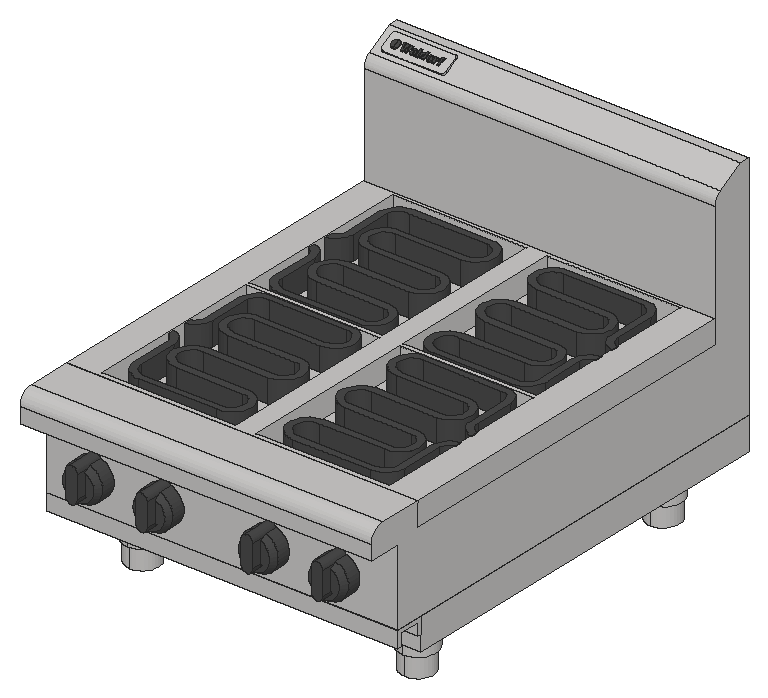
Revit family "QF_MOFFAT WALDORF_RN8400E-B", category Specialty Equipment, Revit 2012
Parameters
  Weight in Pounds = 163.1419
  Watts = 9600 W
  Volts = 415 V
  URL Cutsheet = "www.moffat.com"
  URL = "www.moffat.com"
  Type Mark [instance] = ""
  Status [instance] = ""
  Specification by User [instance] = ""
  Specification by Manufacturer = ""
  Show Logo [instance] = yes
  Serial Number = ""
  Seismic Rating = ""
  SMACNA No = ""
  Revision Code [instance] = ""
  Phase = 1
  Omniclass Number and Title = ""
  Number of Poles = 1
  NAFEM Spec ID Number = ""
  Model = "RN8400E-B"
  Min Ckt Ampacity = 0 A
  Max Overcurrent Protection = 0 A
  Masterspec = ""
  Manufacturer = "MOFFAT WALDORF"
  Item Number [instance] = ""
  Installed By [instance] = ""
  Identify Quantity as Lot [instance] = yes
  HP = ""
  Furnished By [instance] = ""
  Foodservice Equipment Identifier [instance] = yes
  FL Amps = 20 A
  Elec Conn RI Height = 0 mm
  Elec Conn Connection Height = 0 mm
  Description = "COOK TOP ELECTRIC BENCH MOUNT"
  Cycle = 50 Hz
  Conn Plug = ""
  Conn Conduit = yes
  CSI MasterFormat = ""
  CSI Master Format = ""
  Base Height [instance] = 80 mm
  Apparent Power = if(Phase = 3, Volts * FL Amps * 1.73, Volts * FL Amps)  # 8300 VA
Reference planes
  plane 1 "BACK": y = 0
  plane 2: z = 0
  plane 3 "LEFT": x = 0
  plane 4 "RIGHT": x = 600
  plane 5 "FRONT": y = -805
  plane 6 "TOP": z = 530
  plane 7 "Center Y": x = 300
  plane 8 "Center X": y = -402.5
  plane 9 "Base Height": z = 80
  plane 10: x = 65.8
  plane 11: x = 470
  plane 12: z = 110
Forms (mm)
  Extrusion 1, solid, material "QF_Finishes_Stainless Steel"
    sketch origin (0, 0, 0) x (0, 1, 0) y (0, 0, 1)
      loop
        line (-805, 291) -> (-805, 266) -> (-749, 266) -> (-749, 135.938) -> (0, 135.938) -> (0, 530) -> (-16.5, 530) -> (-58.709, 505.631)
        arc (-58.709, 505.631) -> (-66.975, 497.365) -> (-70, 486.074) r 22.582
        line (-70, 486.074) -> (-70, 275) -> (-705, 275) -> (-705, 315) -> (-781, 315)
        arc (-781, 315) -> (-797.971, 307.971) -> (-805, 291) r 24
      loop
        line (0, 80) -> (0, 135) -> (-699, 135) -> (-699, 80) -> (0, 80)
      loop
        line (-749, 135) -> (-749, 107.813) -> (-742.6, 107.813) -> (-742.6, 128.6) -> (-706.4, 128.6) -> (-706.4, 107.813) -> (-700, 107.813) -> (-700, 135) -> (-749, 135)
    from 0 to 600
  Revolve 2, solid, material "QF_Finishes_Stainless Steel"
    sketch origin (535, -210, 0) x (0, 1, 0) y (0, 0, -1)
      loop
        line (78.25, -80) -> (110, -80) -> (110, 0) -> (82.5, 0) -> (82.5, -35) -> (78.25, -35) -> (78.25, -80)
      axis (110, -80) -> (110, 0)
    angle from 0 to 360
  Revolve 3, solid, material "QF_Finishes_Stainless Steel"
    sketch origin (65, -210, 0) x (0, 1, 0) y (0, 0, 1)
      loop
        line (78.25, 80) -> (78.25, 35) -> (82.5, 35) -> (82.5, 0) -> (110, 0) -> (110, 80) -> (78.25, 80)
      axis (110, 80) -> (110, 0)
    angle from 0 to 360
  Revolve 4, solid, material "QF_Finishes_Black"
    sketch origin (210, 0, 0) x (0, -1, 0) y (0, 0, 1)
      loop
        line (782, 229.605) -> (759, 229.605) -> (759, 202.105) -> (749, 202.105) -> (749, 197.105) -> (793, 197.105) -> (793, 223.757) -> (782, 229.605)
      axis (793, 197.105) -> (749, 197.105)
    angle from 0 to 360
  Extrusion 5, solid, material "QF_Finishes_Black"
    sketch origin (71.569, 0, -103.997) x (1, 0, 0) y (0, 0, 1)
      loop
        line (148.431, 289) -> (148.431, 327.997)
        arc (148.431, 327.997) -> (138.431, 337.997) -> (128.431, 327.997) r 10
        line (128.431, 327.997) -> (128.431, 289)
        arc (128.431, 289) -> (138.431, 279) -> (148.431, 289) r 10
    from 759 to 808
  Extrusion 6, void
    sketch origin (0, 0, 80) x (-1, 0, 0) y (0, 1, 0)
      loop
        circle (-470.688, -32) r 13.5
    from -30 to 1.6
  Revolve 7, solid, material "QF_Finishes_Black"
    sketch origin (89.999, 0, -0.127) x (0, 1, 0) y (0, 0, -1)
      loop
        line (-782, -229.5) -> (-759, -229.5) -> (-759, -202) -> (-749, -202) -> (-749, -197) -> (-793, -197) -> (-793, -223.651) -> (-782, -229.5)
      axis (-793, -197) -> (-749, -197)
    angle from 0 to 360
  Extrusion 8, solid, material "QF_Finishes_Black"
    sketch origin (228.269, 0, 0.031) x (-1, 0, 0) y (0, 0, -1)
      loop
        arc (148.269, -184.969) -> (138.269, -174.969) -> (128.269, -184.969) r 10
        line (128.269, -184.969) -> (128.269, -223.969)
        arc (128.269, -223.969) -> (138.269, -233.969) -> (148.269, -223.969) r 10
        line (148.269, -223.969) -> (148.269, -184.969)
    from 759 to 808
  Extrusion 9, solid, material "QF_Finishes_Stainless Steel"
    sketch origin (0, -70, 275) x (0, -1, 0) y (1, 0, 0)
      loop
        line (1, 0) -> (635, 0) -> (635, 600) -> (1, 600) -> (1, 0)
      loop
        line (628.25, 54) -> (628.25, 282.75) -> (321.3, 282.75) -> (321.3, 54) -> (628.25, 54)
      loop
        line (6.75, 54) -> (313.7, 54) -> (313.7, 282.75) -> (6.75, 282.75) -> (6.75, 54)
      loop
        line (6.75, 317.25) -> (313.7, 317.25) -> (313.7, 546) -> (6.75, 546) -> (6.75, 317.25)
      loop
        line (628.25, 317.25) -> (628.25, 546) -> (321.3, 546) -> (321.3, 317.25) -> (628.25, 317.25)
    from 0 to 40
  Extrusion 10, solid, material "QF_Finishes_Black"
    sketch origin (0, -70, 275) x (0, -1, 0) y (1, 0, 0)
      loop
        arc (20.503, 102.138) -> (29.265, 78.692) -> (52.032, 68.293) r 32.731
        line (52.032, 68.293) -> (123.291, 68.293)
        arc (123.291, 68.293) -> (134.915, 64.189) -> (141.853, 54) r 19.786
        line (141.853, 54) -> (154.156, 54)
        arc (154.156, 54) -> (143.507, 72.673) -> (123.41, 80.3) r 31.79
        line (123.41, 80.3) -> (52.272, 80.3)
        arc (52.272, 80.3) -> (37.925, 87.003) -> (32.5, 101.881) r 20.722
        line (32.5, 101.881) -> (32.5, 234.6)
        arc (32.5, 234.6) -> (54.2, 256.3) -> (75.9, 234.6) r 21.7
        line (75.9, 234.6) -> (75.9, 122)
        arc (75.9, 122) -> (109.6, 88.3) -> (143.3, 122) r 33.7
        line (143.3, 122) -> (143.3, 234.6)
        arc (143.3, 234.6) -> (165, 256.3) -> (186.7, 234.6) r 21.7
        line (186.7, 234.6) -> (186.7, 122)
        arc (186.7, 122) -> (220.4, 88.3) -> (254.1, 122) r 33.7
        line (254.1, 122) -> (254.1, 234.6)
        arc (254.1, 234.6) -> (275.8, 256.3) -> (297.5, 234.6) r 21.7
        line (297.5, 234.6) -> (297.5, 101.881)
        arc (297.5, 101.881) -> (292.075, 87.003) -> (277.728, 80.3) r 20.722
        line (277.728, 80.3) -> (206.584, 80.3)
        arc (206.584, 80.3) -> (186.467, 72.659) -> (175.749, 54) r 31.973
        line (175.749, 54) -> (188.064, 54)
        arc (188.064, 54) -> (195.064, 64.184) -> (206.716, 68.3) r 19.973
        line (206.716, 68.3) -> (277.967, 68.3)
        arc (277.967, 68.3) -> (300.725, 78.682) -> (309.5, 102.106) r 32.722
        line (309.5, 102.106) -> (309.5, 234.6)
        arc (309.5, 234.6) -> (275.8, 268.3) -> (242.1, 234.6) r 33.7
        line (242.1, 234.6) -> (242.1, 122)
        arc (242.1, 122) -> (220.4, 100.3) -> (198.7, 122) r 21.7
        line (198.7, 122) -> (198.7, 234.6)
        arc (198.7, 234.6) -> (165, 268.3) -> (131.3, 234.6) r 33.7
        line (131.3, 234.6) -> (131.3, 122)
        arc (131.3, 122) -> (109.6, 100.3) -> (87.9, 122) r 21.7
        line (87.9, 122) -> (87.9, 234.6)
        arc (87.9, 234.6) -> (54.202, 268.298) -> (20.503, 234.6) r 33.698
        line (20.503, 234.6) -> (20.503, 102.138)
      loop
        arc (320.503, 102.138) -> (329.265, 78.692) -> (352.032, 68.293) r 32.731
        line (352.032, 68.293) -> (423.291, 68.293)
        arc (423.291, 68.293) -> (434.915, 64.189) -> (441.853, 54) r 19.786
        line (441.853, 54) -> (454.156, 54)
        arc (454.156, 54) -> (443.507, 72.673) -> (423.41, 80.3) r 31.79
        line (423.41, 80.3) -> (352.272, 80.3)
        arc (352.272, 80.3) -> (337.925, 87.003) -> (332.5, 101.881) r 20.722
        line (332.5, 101.881) -> (332.5, 234.6)
        arc (332.5, 234.6) -> (354.2, 256.3) -> (375.9, 234.6) r 21.7
        line (375.9, 234.6) -> (375.9, 122)
        arc (375.9, 122) -> (409.6, 88.3) -> (443.3, 122) r 33.7
        line (443.3, 122) -> (443.3, 234.6)
        arc (443.3, 234.6) -> (465, 256.3) -> (486.7, 234.6) r 21.7
        line (486.7, 234.6) -> (486.7, 122)
        arc (486.7, 122) -> (520.4, 88.3) -> (554.1, 122) r 33.7
        line (554.1, 122) -> (554.1, 234.6)
        arc (554.1, 234.6) -> (575.8, 256.3) -> (597.5, 234.6) r 21.7
        line (597.5, 234.6) -> (597.5, 101.881)
        arc (597.5, 101.881) -> (592.075, 87.003) -> (577.728, 80.3) r 20.722
        line (577.728, 80.3) -> (506.584, 80.3)
        arc (506.584, 80.3) -> (486.467, 72.659) -> (475.749, 54) r 31.973
        line (475.749, 54) -> (488.064, 54)
        arc (488.064, 54) -> (495.064, 64.184) -> (506.716, 68.3) r 19.973
        line (506.716, 68.3) -> (577.967, 68.3)
        arc (577.967, 68.3) -> (600.725, 78.682) -> (609.5, 102.106) r 32.722
        line (609.5, 102.106) -> (609.5, 234.6)
        arc (609.5, 234.6) -> (575.8, 268.3) -> (542.1, 234.6) r 33.7
        line (542.1, 234.6) -> (542.1, 122)
        arc (542.1, 122) -> (520.4, 100.3) -> (498.7, 122) r 21.7
        line (498.7, 122) -> (498.7, 234.6)
        arc (498.7, 234.6) -> (465, 268.3) -> (431.3, 234.6) r 33.7
        line (431.3, 234.6) -> (431.3, 122)
        arc (431.3, 122) -> (409.6, 100.3) -> (387.9, 122) r 21.7
        line (387.9, 122) -> (387.9, 234.6)
        arc (387.9, 234.6) -> (354.202, 268.298) -> (320.503, 234.6) r 33.698
        line (320.503, 234.6) -> (320.503, 102.138)
      loop
        line (20.503, 497.862) -> (20.503, 365.4)
        arc (20.503, 365.4) -> (54.202, 331.702) -> (87.9, 365.4) r 33.698
        line (87.9, 365.4) -> (87.9, 478)
        arc (87.9, 478) -> (109.6, 499.7) -> (131.3, 478) r 21.7
        line (131.3, 478) -> (131.3, 365.4)
        arc (131.3, 365.4) -> (165, 331.7) -> (198.7, 365.4) r 33.7
        line (198.7, 365.4) -> (198.7, 478)
        arc (198.7, 478) -> (220.4, 499.7) -> (242.1, 478) r 21.7
        line (242.1, 478) -> (242.1, 365.4)
        arc (242.1, 365.4) -> (275.8, 331.7) -> (309.5, 365.4) r 33.7
        line (309.5, 365.4) -> (309.5, 497.894)
        arc (309.5, 497.894) -> (300.725, 521.318) -> (277.967, 531.7) r 32.722
        line (277.967, 531.7) -> (206.716, 531.7)
        arc (206.716, 531.7) -> (195.064, 535.816) -> (188.064, 546) r 19.973
        line (188.064, 546) -> (175.749, 546)
        arc (175.749, 546) -> (186.467, 527.341) -> (206.584, 519.7) r 31.973
        line (206.584, 519.7) -> (277.728, 519.7)
        arc (277.728, 519.7) -> (292.075, 512.997) -> (297.5, 498.119) r 20.722
        line (297.5, 498.119) -> (297.5, 365.4)
        arc (297.5, 365.4) -> (275.8, 343.7) -> (254.1, 365.4) r 21.7
        line (254.1, 365.4) -> (254.1, 478)
        arc (254.1, 478) -> (220.4, 511.7) -> (186.7, 478) r 33.7
        line (186.7, 478) -> (186.7, 365.4)
        arc (186.7, 365.4) -> (165, 343.7) -> (143.3, 365.4) r 21.7
        line (143.3, 365.4) -> (143.3, 478)
        arc (143.3, 478) -> (109.6, 511.7) -> (75.9, 478) r 33.7
        line (75.9, 478) -> (75.9, 365.4)
        arc (75.9, 365.4) -> (54.2, 343.7) -> (32.5, 365.4) r 21.7
        line (32.5, 365.4) -> (32.5, 498.119)
        arc (32.5, 498.119) -> (37.925, 512.997) -> (52.272, 519.7) r 20.722
        line (52.272, 519.7) -> (123.41, 519.7)
        arc (123.41, 519.7) -> (143.507, 527.327) -> (154.156, 546) r 31.79
        line (154.156, 546) -> (141.853, 546)
        arc (141.853, 546) -> (134.915, 535.811) -> (123.291, 531.707) r 19.786
        line (123.291, 531.707) -> (52.032, 531.707)
        arc (52.032, 531.707) -> (29.265, 521.308) -> (20.503, 497.862) r 32.731
      loop
        line (320.503, 497.862) -> (320.503, 365.4)
        arc (320.503, 365.4) -> (354.202, 331.702) -> (387.9, 365.4) r 33.698
        line (387.9, 365.4) -> (387.9, 478)
        arc (387.9, 478) -> (409.6, 499.7) -> (431.3, 478) r 21.7
        line (431.3, 478) -> (431.3, 365.4)
        arc (431.3, 365.4) -> (465, 331.7) -> (498.7, 365.4) r 33.7
        line (498.7, 365.4) -> (498.7, 478)
        arc (498.7, 478) -> (520.4, 499.7) -> (542.1, 478) r 21.7
        line (542.1, 478) -> (542.1, 365.4)
        arc (542.1, 365.4) -> (575.8, 331.7) -> (609.5, 365.4) r 33.7
        line (609.5, 365.4) -> (609.5, 497.894)
        arc (609.5, 497.894) -> (600.725, 521.318) -> (577.967, 531.7) r 32.722
        line (577.967, 531.7) -> (506.716, 531.7)
        arc (506.716, 531.7) -> (495.064, 535.816) -> (488.064, 546) r 19.973
        line (488.064, 546) -> (475.749, 546)
        arc (475.749, 546) -> (486.467, 527.341) -> (506.584, 519.7) r 31.973
        line (506.584, 519.7) -> (577.728, 519.7)
        arc (577.728, 519.7) -> (592.075, 512.997) -> (597.5, 498.119) r 20.722
        line (597.5, 498.119) -> (597.5, 365.4)
        arc (597.5, 365.4) -> (575.8, 343.7) -> (554.1, 365.4) r 21.7
        line (554.1, 365.4) -> (554.1, 478)
        arc (554.1, 478) -> (520.4, 511.7) -> (486.7, 478) r 33.7
        line (486.7, 478) -> (486.7, 365.4)
        arc (486.7, 365.4) -> (465, 343.7) -> (443.3, 365.4) r 21.7
        line (443.3, 365.4) -> (443.3, 478)
        arc (443.3, 478) -> (409.6, 511.7) -> (375.9, 478) r 33.7
        line (375.9, 478) -> (375.9, 365.4)
        arc (375.9, 365.4) -> (354.2, 343.7) -> (332.5, 365.4) r 21.7
        line (332.5, 365.4) -> (332.5, 498.119)
        arc (332.5, 498.119) -> (337.925, 512.997) -> (352.272, 519.7) r 20.722
        line (352.272, 519.7) -> (423.41, 519.7)
        arc (423.41, 519.7) -> (443.507, 527.327) -> (454.156, 546) r 31.79
        line (454.156, 546) -> (441.853, 546)
        arc (441.853, 546) -> (434.915, 535.811) -> (423.291, 531.707) r 19.786
        line (423.291, 531.707) -> (352.032, 531.707)
        arc (352.032, 531.707) -> (329.265, 521.308) -> (320.503, 497.862) r 32.731
    from 0 to 40
  Revolve 11, solid, material "QF_Finishes_Stainless Steel"
    sketch origin (535, -735, 0) x (0, 1, 0) y (0, 0, -1)
      loop
        line (78.25, -80) -> (110, -80) -> (110, 0) -> (82.5, 0) -> (82.5, -35) -> (78.25, -35) -> (78.25, -80)
      axis (110, -80) -> (110, 0)
    angle from 0 to 360
  Revolve 12, solid, material "QF_Finishes_Stainless Steel"
    sketch origin (65, -735, 0) x (0, 1, 0) y (0, 0, 1)
      loop
        line (78.25, 80) -> (78.25, 35) -> (82.5, 35) -> (82.5, 0) -> (110, 0) -> (110, 80) -> (78.25, 80)
      axis (110, 80) -> (110, 0)
    angle from 0 to 360
  Revolve 13, solid, material "QF_Finishes_Black"
    sketch origin (510, 0, 0) x (0, -1, 0) y (0, 0, 1)
      loop
        line (782, 229.605) -> (759, 229.605) -> (759, 202.105) -> (749, 202.105) -> (749, 197.105) -> (793, 197.105) -> (793, 223.757) -> (782, 229.605)
      axis (793, 197.105) -> (749, 197.105)
    angle from 0 to 360
  Extrusion 14, solid, material "QF_Finishes_Black"
    sketch origin (371.569, 0, -103.997) x (1, 0, 0) y (0, 0, 1)
      loop
        line (148.431, 289) -> (148.431, 327.997)
        arc (148.431, 327.997) -> (138.431, 337.997) -> (128.431, 327.997) r 10
        line (128.431, 327.997) -> (128.431, 289)
        arc (128.431, 289) -> (138.431, 279) -> (148.431, 289) r 10
    from 759 to 808
  Revolve 15, solid, material "QF_Finishes_Black"
    sketch origin (389.999, 0, -0.127) x (0, 1, 0) y (0, 0, -1)
      loop
        line (-782, -229.5) -> (-759, -229.5) -> (-759, -202) -> (-749, -202) -> (-749, -197) -> (-793, -197) -> (-793, -223.651) -> (-782, -229.5)
      axis (-793, -197) -> (-749, -197)
    angle from 0 to 360
  Extrusion 16, solid, material "QF_Finishes_Black"
    sketch origin (528.269, 0, 0.031) x (-1, 0, 0) y (0, 0, -1)
      loop
        arc (148.269, -184.969) -> (138.269, -174.969) -> (128.269, -184.969) r 10
        line (128.269, -184.969) -> (128.269, -223.969)
        arc (128.269, -223.969) -> (138.269, -233.969) -> (148.269, -223.969) r 10
        line (148.269, -223.969) -> (148.269, -184.969)
    from 759 to 808
Cuts and joins
  Extrusion 6 cuts Extrusion 1
Lines and regions (mm)
  Split face 1
    outline origin (22.5, -19.748, 528.125) x (0, -0.866025, -0.5) y (1, 0, 0)
      loop
        line (1.427, 105.5) -> (35.836, 105.5) -> (35.836, 125.5) -> (1.427, 125.5) -> (1.427, 105.5)
  Split face 2
    outline origin (49.289, -19.748, 528.125) x (0, -0.866025, -0.5) y (1, 0, 0)
      loop
        line (1.427, 105.5) -> (35.836, 105.5) -> (35.836, 125.5) -> (1.427, 125.5) -> (1.427, 105.5)
  Split face 3
    outline origin (76.967, -19.748, 528.125) x (0, -0.866025, -0.5) y (1, 0, 0)
      loop
        line (1.427, 105.5) -> (35.836, 105.5) -> (35.836, 125.5) -> (1.427, 125.5) -> (1.427, 105.5)
  Split face 4
    outline origin (103.591, -19.748, 528.125) x (0, -0.866025, -0.5) y (1, 0, 0)
      loop
        line (1.427, 105.5) -> (35.836, 105.5) -> (35.836, 125.5) -> (1.427, 125.5) -> (1.427, 105.5)
  Split face 5
    outline origin (130.215, -19.748, 528.125) x (0, -0.866025, -0.5) y (1, 0, 0)
      loop
        line (1.427, 105.5) -> (35.836, 105.5) -> (35.836, 125.5) -> (1.427, 125.5) -> (1.427, 105.5)
  Split face 6
    outline origin (157.366, -19.748, 528.125) x (0, -0.866025, -0.5) y (1, 0, 0)
      loop
        line (1.427, 105.5) -> (35.836, 105.5) -> (35.836, 125.5) -> (1.427, 125.5) -> (1.427, 105.5)
  Split face 7
    outline origin (184.781, -19.748, 528.125) x (0, -0.866025, -0.5) y (1, 0, 0)
      loop
        line (1.427, 105.5) -> (35.836, 105.5) -> (35.836, 125.5) -> (1.427, 125.5) -> (1.427, 105.5)
  Split face 8
    outline origin (211.405, -19.748, 528.125) x (0, -0.866025, -0.5) y (1, 0, 0)
      loop
        line (1.427, 105.5) -> (35.836, 105.5) -> (35.836, 125.5) -> (1.427, 125.5) -> (1.427, 105.5)
  Split face 9
    outline origin (238.292, -19.748, 528.125) x (0, -0.866025, -0.5) y (1, 0, 0)
      loop
        line (1.427, 105.5) -> (35.836, 105.5) -> (35.836, 125.5) -> (1.427, 125.5) -> (1.427, 105.5)
  Split face 10
    outline origin (265.971, -19.748, 528.125) x (0, -0.866025, -0.5) y (1, 0, 0)
      loop
        line (1.427, 105.5) -> (35.836, 105.5) -> (35.836, 125.5) -> (1.427, 125.5) -> (1.427, 105.5)
  Split face 11
    outline origin (292.533, -19.748, 528.125) x (0, -0.866025, -0.5) y (1, 0, 0)
      loop
        line (1.427, 105.5) -> (35.836, 105.5) -> (35.836, 125.5) -> (1.427, 125.5) -> (1.427, 105.5)
  Split face 12
    outline origin (319.444, -19.748, 528.125) x (0, -0.866025, -0.5) y (1, 0, 0)
      loop
        line (1.427, 105.5) -> (35.836, 105.5) -> (35.836, 125.5) -> (1.427, 125.5) -> (1.427, 105.5)
  Split face 13
    outline origin (346.271, -19.748, 528.125) x (0, -0.866025, -0.5) y (1, 0, 0)
      loop
        line (1.427, 105.5) -> (35.836, 105.5) -> (35.836, 125.5) -> (1.427, 125.5) -> (1.427, 105.5)
  symbolic lines
    curve 1: line (0, 0, 0) -> (0, -805, 0)
    curve 2: line (600, 0, 0) -> (0, 0, 0)
    curve 3: line (600, -805, 0) -> (600, 0, 0)
    curve 4: line (0, -70, 0) -> (600, -70, 0)
    curve 5: line (0, -805, 0) -> (600, -805, 0)
    curve 10: line (600, -705, 0) -> (0, -705, 0)
    curve 11: line (128, -50.782, 0) -> (128, -20.984, 0)
    curve 12: line (128, -20.984, 0) -> (148, -20.984, 0)
    curve 13: line (148, -20.984, 0) -> (148, -50.782, 0)
    curve 14: line (148, -50.782, 0) -> (128, -50.782, 0)
    curve 15: line (154.789, -50.782, 0) -> (154.789, -20.984, 0)
    curve 16: line (154.789, -20.984, 0) -> (174.789, -20.984, 0)
    curve 17: line (174.789, -20.984, 0) -> (174.789, -50.782, 0)
    curve 18: line (174.789, -50.782, 0) -> (154.789, -50.782, 0)
    curve 19: line (182.467, -20.984, 0) -> (202.467, -20.984, 0)
    curve 20: line (202.467, -20.984, 0) -> (202.467, -50.782, 0)
    curve 21: line (202.467, -50.782, 0) -> (182.467, -50.782, 0)
    curve 22: line (182.467, -50.782, 0) -> (182.467, -20.984, 0)
    curve 23: line (229.091, -20.984, 0) -> (209.091, -20.984, 0)
    curve 24: line (209.091, -20.984, 0) -> (209.091, -50.782, 0)
    curve 25: line (209.091, -50.782, 0) -> (229.091, -50.782, 0)
    curve 26: line (229.091, -50.782, 0) -> (229.091, -20.984, 0)
    curve 27: line (255.715, -20.984, 0) -> (235.715, -20.984, 0)
    curve 28: line (235.715, -20.984, 0) -> (235.715, -50.782, 0)
    curve 29: line (235.715, -50.782, 0) -> (255.715, -50.782, 0)
    curve 30: line (255.715, -50.782, 0) -> (255.715, -20.984, 0)
    curve 31: line (282.866, -20.984, 0) -> (262.866, -20.984, 0)
    curve 32: line (262.866, -20.984, 0) -> (262.866, -50.782, 0)
    curve 33: line (262.866, -50.782, 0) -> (282.866, -50.782, 0)
    curve 34: line (282.866, -50.782, 0) -> (282.866, -20.984, 0)
    curve 35: line (310.281, -20.984, 0) -> (290.281, -20.984, 0)
    curve 36: line (290.281, -20.984, 0) -> (290.281, -50.782, 0)
    curve 37: line (290.281, -50.782, 0) -> (310.281, -50.782, 0)
    curve 38: line (310.281, -50.782, 0) -> (310.281, -20.984, 0)
    curve 39: line (316.905, -20.984, 0) -> (336.905, -20.984, 0)
    curve 40: line (336.905, -20.984, 0) -> (336.905, -50.782, 0)
    curve 41: line (336.905, -50.782, 0) -> (316.905, -50.782, 0)
    curve 42: line (316.905, -50.782, 0) -> (316.905, -20.984, 0)
    curve 43: line (363.792, -20.984, 0) -> (343.792, -20.984, 0)
    curve 44: line (343.792, -20.984, 0) -> (343.792, -50.782, 0)
    curve 45: line (343.792, -50.782, 0) -> (363.792, -50.782, 0)
    curve 46: line (363.792, -50.782, 0) -> (363.792, -20.984, 0)
    curve 47: line (371.471, -50.782, 0) -> (391.471, -50.782, 0)
    curve 48: line (391.471, -50.782, 0) -> (391.471, -20.984, 0)
    curve 49: line (391.471, -20.984, 0) -> (371.471, -20.984, 0)
    curve 50: line (371.471, -20.984, 0) -> (371.471, -50.782, 0)
    curve 51: line (398.033, -50.782, 0) -> (418.033, -50.782, 0)
    curve 52: line (418.033, -50.782, 0) -> (418.033, -20.984, 0)
    curve 53: line (418.033, -20.984, 0) -> (398.033, -20.984, 0)
    curve 54: line (398.033, -20.984, 0) -> (398.033, -50.782, 0)
    curve 55: line (444.944, -50.782, 0) -> (424.944, -50.782, 0)
    curve 56: line (424.944, -50.782, 0) -> (424.944, -20.984, 0)
    curve 57: line (424.944, -20.984, 0) -> (444.944, -20.984, 0)
    curve 58: line (444.944, -20.984, 0) -> (444.944, -50.782, 0)
    curve 59: line (451.771, -50.782, 0) -> (471.771, -50.782, 0)
    curve 60: line (471.771, -50.782, 0) -> (471.771, -20.984, 0)
    curve 61: line (471.771, -20.984, 0) -> (451.771, -20.984, 0)
    curve 62: line (451.771, -20.984, 0) -> (451.771, -50.782, 0)
    curve 63: line (54, -705, 0) -> (54, -76.75, 0)
    curve 64: line (546, -76.75, 0) -> (546, -705, 0)
    curve 65: line (282.75, -70, 0) -> (282.75, -705, 0)
    curve 66: line (317.25, -705, 0) -> (317.25, -70, 0)
    curve 67: line (54, -387.5, 0) -> (546, -387.5, 0)
    curve 68: arc (102.029, -96.503, 0) -> (82.856, -103.586, 0) -> (74.293, -122.146, 0) r 26.731
    curve 69: line (234.6, -96.503, 0) -> (102.029, -96.503, 0)
    curve 70: line (74.293, -122.146, 0) -> (74.293, -193.354, 0)
    curve 71: arc (74.293, -193.354, 0) -> (68.431, -209.219, 0) -> (54, -218.038, 0) r 25.786
    curve 72: arc (234.6, -151.9, 0) -> (262.298, -124.202, 0) -> (234.6, -96.503, 0) r 27.698
    curve 73: line (122, -151.9, 0) -> (234.6, -151.9, 0)
    curve 74: arc (122, -207.3, 0) -> (94.3, -179.6, 0) -> (122, -151.9, 0) r 27.7
    curve 75: line (234.6, -207.3, 0) -> (122, -207.3, 0)
    curve 76: arc (234.6, -262.7, 0) -> (262.3, -235, 0) -> (234.6, -207.3, 0) r 27.7
    curve 77: line (122, -262.7, 0) -> (234.6, -262.7, 0)
    curve 78: arc (122, -318.1, 0) -> (94.3, -290.4, 0) -> (122, -262.7, 0) r 27.7
    curve 79: line (234.6, -318.1, 0) -> (122, -318.1, 0)
    curve 80: arc (234.6, -373.5, 0) -> (262.3, -345.8, 0) -> (234.6, -318.1, 0) r 27.7
    curve 81: line (102, -373.5, 0) -> (234.6, -373.5, 0)
    curve 82: arc (74.3, -347.854, 0) -> (82.847, -366.405, 0) -> (102, -373.5, 0) r 26.722
    curve 83: line (74.3, -276.646, 0) -> (74.3, -347.854, 0)
    curve 84: arc (54, -251.869, 0) -> (68.424, -260.755, 0) -> (74.3, -276.646, 0) r 25.973
    curve 85: arc (102.029, -396.503, 0) -> (82.856, -403.586, 0) -> (74.293, -422.146, 0) r 26.731
    curve 86: line (234.6, -396.503, 0) -> (102.029, -396.503, 0)
    curve 87: line (74.293, -422.146, 0) -> (74.293, -493.354, 0)
    curve 88: arc (74.293, -493.354, 0) -> (68.431, -509.219, 0) -> (54, -518.038, 0) r 25.786
    curve 89: arc (234.6, -451.9, 0) -> (262.298, -424.202, 0) -> (234.6, -396.503, 0) r 27.698
    curve 90: line (122, -451.9, 0) -> (234.6, -451.9, 0)
    curve 91: arc (122, -507.3, 0) -> (94.3, -479.6, 0) -> (122, -451.9, 0) r 27.7
    curve 92: line (234.6, -507.3, 0) -> (122, -507.3, 0)
    curve 93: arc (234.6, -562.7, 0) -> (262.3, -535, 0) -> (234.6, -507.3, 0) r 27.7
    curve 94: line (122, -562.7, 0) -> (234.6, -562.7, 0)
    curve 95: arc (122, -618.1, 0) -> (94.3, -590.4, 0) -> (122, -562.7, 0) r 27.7
    curve 96: line (234.6, -618.1, 0) -> (122, -618.1, 0)
    curve 97: arc (234.6, -673.5, 0) -> (262.3, -645.8, 0) -> (234.6, -618.1, 0) r 27.7
    curve 98: line (102, -673.5, 0) -> (234.6, -673.5, 0)
    curve 99: arc (74.3, -647.854, 0) -> (82.847, -666.405, 0) -> (102, -673.5, 0) r 26.722
    curve 100: line (74.3, -576.646, 0) -> (74.3, -647.854, 0)
    curve 101: arc (54, -551.869, 0) -> (68.424, -560.755, 0) -> (74.3, -576.646, 0) r 25.973
    curve 102: arc (497.971, -96.503, 0) -> (517.144, -103.586, 0) -> (525.707, -122.146, 0) r 26.731
    curve 103: line (365.4, -96.503, 0) -> (497.971, -96.503, 0)
    curve 104: line (525.707, -122.146, 0) -> (525.707, -193.354, 0)
    curve 105: arc (525.707, -193.354, 0) -> (531.569, -209.219, 0) -> (546, -218.038, 0) r 25.786
    curve 106: arc (365.4, -151.9, 0) -> (337.702, -124.202, 0) -> (365.4, -96.503, 0) r 27.698
    curve 107: line (478, -151.9, 0) -> (365.4, -151.9, 0)
    curve 108: arc (478, -207.3, 0) -> (505.7, -179.6, 0) -> (478, -151.9, 0) r 27.7
    curve 109: line (365.4, -207.3, 0) -> (478, -207.3, 0)
    curve 110: arc (365.4, -262.7, 0) -> (337.7, -235, 0) -> (365.4, -207.3, 0) r 27.7
    curve 111: line (478, -262.7, 0) -> (365.4, -262.7, 0)
    curve 112: arc (478, -318.1, 0) -> (505.7, -290.4, 0) -> (478, -262.7, 0) r 27.7
    curve 113: line (365.4, -318.1, 0) -> (478, -318.1, 0)
    curve 114: arc (365.4, -373.5, 0) -> (337.7, -345.8, 0) -> (365.4, -318.1, 0) r 27.7
    curve 115: line (498, -373.5, 0) -> (365.4, -373.5, 0)
    curve 116: arc (525.7, -347.854, 0) -> (517.153, -366.405, 0) -> (498, -373.5, 0) r 26.722
    curve 117: line (525.7, -276.646, 0) -> (525.7, -347.854, 0)
    curve 118: arc (546, -251.869, 0) -> (531.576, -260.755, 0) -> (525.7, -276.646, 0) r 25.973
    curve 119: arc (497.971, -396.503, 0) -> (517.144, -403.586, 0) -> (525.707, -422.146, 0) r 26.731
    curve 120: line (365.4, -396.503, 0) -> (497.971, -396.503, 0)
    curve 121: line (525.707, -422.146, 0) -> (525.707, -493.354, 0)
    curve 122: arc (525.707, -493.354, 0) -> (531.569, -509.219, 0) -> (546, -518.038, 0) r 25.786
    curve 123: arc (365.4, -451.9, 0) -> (337.702, -424.202, 0) -> (365.4, -396.503, 0) r 27.698
    curve 124: line (478, -451.9, 0) -> (365.4, -451.9, 0)
    curve 125: arc (478, -507.3, 0) -> (505.7, -479.6, 0) -> (478, -451.9, 0) r 27.7
    curve 126: line (365.4, -507.3, 0) -> (478, -507.3, 0)
    curve 127: arc (365.4, -562.7, 0) -> (337.7, -535, 0) -> (365.4, -507.3, 0) r 27.7
    curve 128: line (478, -562.7, 0) -> (365.4, -562.7, 0)
    curve 129: arc (478, -618.1, 0) -> (505.7, -590.4, 0) -> (478, -562.7, 0) r 27.7
    curve 130: line (365.4, -618.1, 0) -> (478, -618.1, 0)
    curve 131: arc (365.4, -673.5, 0) -> (337.7, -645.8, 0) -> (365.4, -618.1, 0) r 27.7
    curve 132: line (498, -673.5, 0) -> (365.4, -673.5, 0)
    curve 133: arc (525.7, -647.854, 0) -> (517.153, -666.405, 0) -> (498, -673.5, 0) r 26.722
    curve 134: line (525.7, -576.646, 0) -> (525.7, -647.854, 0)
    curve 135: arc (546, -551.869, 0) -> (531.576, -560.755, 0) -> (525.7, -576.646, 0) r 25.973
  symbolic lines, visible <- "Show Logo"
    curve 6: line (12.5, -51.234, 0) -> (12.5, -20.958, 0)
    curve 7: line (12.5, -20.958, 0) -> (121.5, -20.958, 0)
    curve 8: line (12.5, -51.234, 0) -> (121.5, -51.234, 0)
    curve 9: line (121.5, -20.958, 0) -> (121.5, -51.234, 0)
Dimensions and locks
  equal spacing: plane 3 "LEFT", plane 7 "Center Y", plane 4 "RIGHT"
  plane 3 "LEFT" to plane 4 "RIGHT" = 600 mm
  equal spacing: plane 5 "FRONT", plane 8 "Center X", plane 1 "BACK"
  plane 5 "FRONT" to plane 1 "BACK" = 805 mm  (x2)
  equal spacing: plane 4 "RIGHT", plane 7 "Center Y", plane 3 "LEFT"
  plane 4 "RIGHT" to plane 3 "LEFT" = 600 mm
  "Base Height": plane 9 "Base Height" to level
  locked: plane 6 "TOP" to plane 9 "Base Height" at 450
  plane 6 "TOP" to nested 1 to nested 1 = 1.472 mm locked, 17.226 mm locked
  plane 12 to level = 110 mm
  aligned and locked: level to plane 2
  aligned and locked: curve 3 to plane 4 "RIGHT"
  aligned and locked: Revolve 2 to Extrusion 1
  aligned and locked: Extrusion 1 to Revolve 3
  aligned and locked: plane 9 "Base Height" to Revolve 11
Automatic sketch dimensions
  plane 1 "BACK" to curve 1 = 0 mm
  curve 1 to plane 3 "LEFT" = 0 mm
  plane 5 "FRONT" to curve 5 = 0 mm
  plane 3 "LEFT" to curve 6 = 12.5 mm
  curve 83 to curve 82 = 26.701 mm
  curve 99 to curve 99 = 26.701 mm
  curve 85 to curve 85 = 26.709 mm
  curve 68 to curve 68 = 26.709 mm
  curve 99 to curve 98 = 0.999 mm
  curve 82 to curve 82 = 0.999 mm
  curve 68 to curve 69 = 1.027 mm
  plane 8 "Center X" to curve 86 = 5.997 mm
  curve 81 to curve 86 = 0.029 mm
  plane 1 "BACK" to curve 7 = 20.958 mm
  curve 82 to curve 78 = 20.999 mm
  curve 88 to curve 91 = 47.707 mm
  curve 68 to curve 74 = 20.998 mm
  curve 101 to curve 94 = 47.7 mm
  curve 7 to curve 12 = 6.5 mm
  curve 11 to curve 12 = 20 mm
  curve 12 to curve 15 = 6.789 mm
  curve 15 to curve 17 = 20 mm
  curve 17 to curve 21 = 7.678 mm
  curve 19 to curve 20 = 20 mm
  curve 20 to curve 24 = 6.624 mm
  curve 23 to curve 26 = 20 mm
  curve 89 to plane 7 "Center Y" = 65.4 mm
  curve 76 to plane 7 "Center Y" = 65.4 mm
  curve 92 to curve 89 = 0 mm
  curve 96 to curve 93 = 0 mm
  curve 81 to curve 86 = 0 mm
  curve 73 to curve 76 = 0 mm
  curve 23 to curve 28 = 6.624 mm
  curve 28 to curve 29 = 20 mm
  curve 27 to curve 32 = 7.151 mm
  curve 65 to plane 7 "Center Y" = 17.25 mm
  curve 31 to plane 7 "Center Y" = 17.134 mm
  curve 31 to curve 36 = 7.415 mm
  plane 7 "Center Y" to curve 38 = 10.281 mm
  curve 37 to curve 41 = 6.624 mm
  plane 7 "Center Y" to curve 66 = 17.25 mm
  curve 39 to curve 39 = 20 mm
  curve 39 to curve 44 = 6.888 mm
  curve 44 to curve 45 = 20 mm
  curve 45 to curve 106 = 1.608 mm
  plane 7 "Center Y" to curve 130 = 65.4 mm
  plane 7 "Center Y" to curve 126 = 65.4 mm
  plane 8 "Center X" to curve 114 = 29 mm
  plane 7 "Center Y" to curve 114 = 65.4 mm
  curve 123 to plane 8 "Center X" = 21.702 mm
  curve 123 to curve 115 = 0 mm
  curve 109 to curve 106 = 0 mm
  curve 45 to curve 47 = 7.678 mm
  curve 47 to curve 48 = 20 mm
  curve 48 to curve 54 = 6.562 mm
  curve 53 to curve 52 = 20 mm
  curve 51 to curve 56 = 6.911 mm
  curve 55 to curve 55 = 20 mm
  curve 55 to curve 59 = 6.827 mm
  curve 61 to curve 60 = 20 mm
  plane 8 "Center X" to curve 120 = 5.997 mm
  curve 119 to curve 116 = 0.029 mm
  curve 119 to plane 8 "Center X" = 20.714 mm
  curve 119 to curve 119 = 1.027 mm
  curve 102 to curve 102 = 1.027 mm
  curve 116 to curve 116 = 0.999 mm
  curve 133 to curve 133 = 0.999 mm
  curve 64 to plane 5 "FRONT" = 100 mm
  curve 63 to curve 98 = 31.5 mm
  curve 66 to curve 132 = 31.5 mm
  curve 98 to curve 99 = 25.646 mm
  curve 133 to curve 133 = 25.646 mm
  curve 97 to curve 97 = 27.7 mm
  curve 131 to curve 131 = 27.7 mm
  curve 129 to curve 129 = 27.7 mm
  curve 95 to curve 95 = 27.7 mm
  curve 129 to curve 135 = 13.184 mm
  curve 95 to curve 101 = 13.184 mm
  curve 135 to curve 135 = 0.57 mm
  curve 101 to curve 101 = 0.57 mm
  curve 94 to curve 93 = 27.7 mm
  curve 128 to curve 127 = 27.7 mm
  curve 135 to curve 122 = 33.83 mm
  curve 101 to curve 88 = 33.83 mm
  curve 122 to curve 121 = 24.684 mm
  curve 88 to curve 87 = 24.684 mm
  curve 92 to curve 91 = 27.7 mm
  curve 85 to curve 85 = 26.711 mm
  plane 8 "Center X" to curve 67 = 15 mm
  curve 86 to curve 80 = 23.003 mm
  curve 116 to curve 117 = 25.646 mm
  curve 82 to curve 82 = 25.646 mm
  curve 80 to curve 80 = 27.7 mm
  curve 114 to curve 114 = 27.7 mm
  curve 112 to curve 112 = 27.7 mm
  curve 78 to curve 78 = 27.7 mm
  curve 112 to curve 118 = 13.184 mm
  curve 78 to curve 84 = 13.184 mm
  curve 84 to curve 84 = 0.57 mm
  curve 118 to curve 118 = 0.57 mm
  curve 110 to curve 110 = 27.7 mm
  curve 76 to curve 76 = 27.7 mm
  curve 84 to curve 71 = 33.83 mm
  curve 118 to curve 105 = 33.83 mm
  curve 71 to curve 71 = 24.684 mm
  curve 105 to curve 105 = 24.684 mm
  curve 108 to curve 108 = 27.7 mm
  curve 74 to curve 74 = 27.7 mm
  curve 107 to curve 106 = 27.698 mm
  curve 73 to curve 72 = 27.698 mm
  curve 102 to curve 102 = 26.711 mm
  curve 68 to curve 68 = 26.711 mm
  curve 68 to curve 63 = 45.396 mm
  curve 102 to curve 64 = 45.396 mm
  curve 106 to curve 66 = 26.503 mm
  curve 4 to curve 8 = 18.766 mm
  plane 1 "BACK" to curve 51 = 50.782 mm
  curve 50 to curve 51 = 0 mm
  plane 1 "BACK" to curve 60 = 50.782 mm
  curve 58 to curve 59 = 0 mm
  curve 8 to curve 11 = 0.452 mm
  curve 46 to curve 47 = 0 mm
  curve 13 to curve 15 = 0 mm  (x2)
  curve 66 to curve 42 = 19.218 mm
  curve 17 to curve 20 = 0 mm
  curve 20 to curve 24 = 0 mm
  curve 25 to curve 28 = 0 mm
  curve 38 to curve 41 = 0 mm
  curve 29 to curve 32 = 0 mm
  plane 1 "BACK" to curve 34 = 20.984 mm
  plane 1 "BACK" to curve 35 = 20.984 mm
  curve 30 to curve 31 = 0 mm
  plane 1 "BACK" to curve 57 = 20.984 mm
  curve 26 to curve 27 = 0 mm
  plane 1 "BACK" to curve 54 = 20.984 mm
  curve 57 to curve 62 = 0 mm
  plane 1 "BACK" to curve 22 = 20.984 mm
  curve 35 to curve 39 = 0 mm
  curve 17 to curve 19 = 0 mm
  plane 1 "BACK" to curve 43 = 20.984 mm
  curve 48 to curve 53 = 0 mm
  plane 3 "LEFT" to curve 101 = 48.333 mm
  plane 3 "LEFT" to curve 84 = 48.333 mm
  plane 3 "LEFT" to curve 71 = 48.512 mm
  plane 3 "LEFT" to curve 88 = 48.512 mm
  plane 3 "LEFT" to curve 67 = 54 mm
  curve 88 to curve 87 = 25.781 mm
  curve 63 to curve 68 = 20.293 mm
  curve 63 to curve 100 = 20.3 mm
  curve 84 to curve 83 = 25.967 mm
  curve 69 to curve 7 = 19.471 mm
  curve 123 to curve 125 = 112.6 mm
  curve 110 to curve 111 = 112.6 mm
  curve 108 to curve 112 = 0 mm
  curve 129 to curve 125 = 0 mm
  curve 124 to curve 120 = 19.971 mm
  curve 59 to curve 103 = 26.2 mm
  curve 130 to curve 132 = 20 mm
  curve 112 to curve 118 = 47.7 mm
  curve 133 to curve 133 = 26.701 mm
  curve 102 to curve 104 = 26.709 mm
  curve 125 to curve 122 = 47.707 mm
  curve 117 to curve 118 = 20.3 mm
  curve 105 to curve 105 = 25.781 mm
  curve 122 to curve 122 = 25.781 mm
  curve 117 to curve 118 = 25.967 mm
  curve 135 to curve 135 = 5.667 mm
  Revolve 2 sketch curve to level = 0 mm
  level to Revolve 2 sketch curve = 35 mm
  plane 1 "BACK" to Revolve 2 sketch curve = 131.75 mm
  Revolve 2 sketch curve to Revolve 2 sketch curve = 4.25 mm
  Revolve 2 sketch curve to Revolve 2 sketch curve = 27.5 mm  (x2)
  Revolve 2 sketch curve to plane 9 "Base Height" = 30 mm
  plane 9 "Base Height" to Revolve 2 sketch curve = 0 mm
  Revolve 2 sketch curve to Revolve 2 sketch curve = 55 mm
  Revolve 3 sketch curve to level = 0 mm
  level to Revolve 3 sketch curve = 35 mm
  plane 1 "BACK" to Revolve 3 sketch curve = 131.75 mm
  Revolve 3 sketch curve to Revolve 3 sketch curve = 4.25 mm
  Revolve 3 sketch curve to Revolve 3 sketch curve = 27.5 mm  (x2)
  Revolve 3 sketch curve to Revolve 3 sketch curve = 55 mm
  Revolve 3 sketch curve to plane 9 "Base Height" = 30 mm
  plane 9 "Base Height" to Revolve 3 sketch curve = 0 mm
  Revolve 4 sketch curve to plane 5 "FRONT" = 56 mm
  Revolve 4 sketch curve to Revolve 4 sketch curve = 10 mm
  Revolve 4 sketch curve to Revolve 4 sketch curve = 21.3 mm
  Revolve 4 sketch curve to plane 5 "FRONT" = 23 mm
  Revolve 4 sketch curve to plane 5 "FRONT" = 12 mm
  Revolve 4 sketch curve to Revolve 4 sketch curve = 0 mm  (x2)
  plane 9 "Base Height" to Revolve 4 sketch curve = 117.105 mm
  Revolve 4 sketch curve to Revolve 4 sketch curve = 5 mm
  Revolve 4 sketch curve to Revolve 4 sketch curve = 26.651 mm
  Revolve 4 sketch curve to Revolve 4 sketch curve = 5.849 mm
  Extrusion 5 sketch curve to plane 7 "Center Y" = 100 mm
  Extrusion 5 sketch curve to Extrusion 5 sketch curve = 10 mm
  plane 9 "Base Height" to Extrusion 5 sketch curve = 105.003 mm
  Extrusion 5 sketch curve to Extrusion 5 sketch curve = 38.997 mm
  Revolve 7 sketch curve to plane 5 "FRONT" = 12 mm
  Revolve 7 sketch curve to Revolve 7 sketch curve = 0 mm  (x2)
  Revolve 7 sketch curve to Revolve 7 sketch curve = 11 mm
  Revolve 7 sketch curve to Revolve 7 sketch curve = 12.7 mm
  Revolve 7 sketch curve to Revolve 7 sketch curve = 23 mm
  Revolve 7 sketch curve to Revolve 7 sketch curve = 10 mm
  plane 9 "Base Height" to Revolve 7 sketch curve = 149.373 mm
  Revolve 7 sketch curve to Revolve 7 sketch curve = 5.849 mm
  Revolve 7 sketch curve to Revolve 7 sketch curve = 27.5 mm
  Revolve 7 sketch curve to Revolve 7 sketch curve = 5 mm
  plane 3 "LEFT" to Extrusion 8 sketch curve = 100 mm
  Extrusion 8 sketch curve to Extrusion 8 sketch curve = 10 mm
  plane 9 "Base Height" to Extrusion 8 sketch curve = 144 mm
  Extrusion 8 sketch curve to Extrusion 8 sketch curve = 39 mm
  Extrusion 9 sketch curve to Extrusion 1 = 0 mm  (x3)
  Extrusion 9 sketch curve to Extrusion 1 = 6.75 mm  (x2)
  Extrusion 1 to Extrusion 9 sketch curve = 54 mm  (x2)
  Extrusion 9 sketch curve to Extrusion 9 sketch curve = 306.95 mm
  Extrusion 9 sketch curve to Extrusion 9 sketch curve = 0 mm  (x4)
  Extrusion 9 sketch curve to Extrusion 9 sketch curve = 7.6 mm  (x2)
  Extrusion 1 to Extrusion 9 sketch curve = 6.75 mm  (x2)
  Extrusion 1 to Extrusion 9 sketch curve = 1 mm
  Extrusion 9 sketch curve to Extrusion 9 sketch curve = 228.75 mm  (x2)
  Extrusion 9 sketch curve to Extrusion 9 sketch curve = 34.5 mm
  Extrusion 10 sketch curve to Extrusion 10 sketch curve = 0 mm  (x69)
  Extrusion 1 to Extrusion 10 sketch curve = 20.503 mm  (x2)
  Extrusion 10 sketch curve to Extrusion 10 sketch curve = 11.997 mm  (x4)
  Extrusion 10 sketch curve to Extrusion 10 sketch curve = 19.532 mm  (x4)
  Extrusion 10 sketch curve to Extrusion 10 sketch curve = 0.24 mm  (x4)
  Extrusion 10 sketch curve to Extrusion 10 sketch curve = 0.931 mm  (x6)
  Extrusion 10 sketch curve to Extrusion 10 sketch curve = 0.01 mm  (x4)
  Extrusion 10 sketch curve to Extrusion 10 sketch curve = 21.7 mm  (x20)
  Extrusion 10 sketch curve to Extrusion 10 sketch curve = 0.002 mm  (x4)
  Extrusion 10 sketch curve to Extrusion 10 sketch curve = 70.811 mm  (x4)
  Extrusion 10 sketch curve to Extrusion 10 sketch curve = 0.447 mm  (x4)
  Extrusion 10 sketch curve to Extrusion 10 sketch curve = 0.12 mm  (x4)
  Extrusion 10 sketch curve to Extrusion 10 sketch curve = 19.01 mm  (x4)
  Extrusion 10 sketch curve to Extrusion 10 sketch curve = 12.303 mm  (x4)
  Extrusion 10 sketch curve to Extrusion 10 sketch curve = 21.593 mm  (x4)
  Extrusion 10 sketch curve to Extrusion 10 sketch curve = 12.315 mm  (x4)
  Extrusion 10 sketch curve to Extrusion 10 sketch curve = 18.52 mm  (x4)
  Extrusion 10 sketch curve to Extrusion 10 sketch curve = 0.133 mm  (x4)
  Extrusion 10 sketch curve to Extrusion 10 sketch curve = 0.5 mm
  Extrusion 10 sketch curve to Extrusion 10 sketch curve = 19.152 mm  (x3)
  Extrusion 10 sketch curve to Extrusion 10 sketch curve = 20.704 mm  (x6)
  Extrusion 10 sketch curve to Extrusion 10 sketch curve = 0.239 mm  (x4)
  Extrusion 10 sketch curve to Extrusion 10 sketch curve = 11.003 mm  (x2)
  Extrusion 1 to Extrusion 10 sketch curve = 48.333 mm  (x2)
  Extrusion 1 to Extrusion 10 sketch curve = 48.512 mm  (x2)
  Extrusion 10 sketch curve to Extrusion 10 sketch curve = 0.004 mm  (x2)
  Extrusion 10 sketch curve to Extrusion 10 sketch curve = 5.484 mm  (x2)
  Extrusion 10 sketch curve to Extrusion 10 sketch curve = 5.667 mm  (x2)
  Extrusion 10 sketch curve to Extrusion 10 sketch curve = 20.701 mm  (x4)
  Extrusion 10 sketch curve to Extrusion 10 sketch curve = 0.001 mm  (x4)
  Extrusion 10 sketch curve to Extrusion 10 sketch curve = 41.7 mm  (x2)
  Extrusion 10 sketch curve to Extrusion 10 sketch curve = 20.999 mm
  Extrusion 10 sketch curve to Extrusion 10 sketch curve = 112.6 mm  (x3)
  Extrusion 10 sketch curve to Extrusion 10 sketch curve = 130.8 mm  (x2)
  Extrusion 10 sketch curve to Extrusion 10 sketch curve = 19.862 mm  (x2)
  Extrusion 10 sketch curve to Extrusion 10 sketch curve = 0.032 mm
  Extrusion 10 sketch curve to Extrusion 10 sketch curve = 19.894 mm
  Extrusion 10 sketch curve to Extrusion 10 sketch curve = 0.226 mm  (x2)
  Extrusion 10 sketch curve to Extrusion 10 sketch curve = 0.258 mm  (x2)
  Extrusion 10 sketch curve to Extrusion 10 sketch curve = 0.879 mm  (x4)
  Extrusion 10 sketch curve to Extrusion 10 sketch curve = 14.293 mm
  Extrusion 1 to Split face 1 sketch curve = 5.177 mm
  Split face 1 sketch curve to Extrusion 1 = 9.153 mm
  Split face 1 sketch curve to Extrusion 1 = 128 mm
  Split face 1 sketch curve to Split face 1 sketch curve = 20 mm
  Extrusion 1 to Split face 2 sketch curve = 5.177 mm
  Split face 2 sketch curve to Extrusion 1 = 9.153 mm
  Split face 2 sketch curve to Extrusion 1 = 154.789 mm
  Split face 2 sketch curve to Split face 2 sketch curve = 20 mm
  Extrusion 1 to Split face 3 sketch curve = 5.177 mm
  Split face 3 sketch curve to Extrusion 1 = 9.153 mm
  Split face 3 sketch curve to Extrusion 1 = 182.467 mm
  Split face 3 sketch curve to Split face 3 sketch curve = 20 mm
  Extrusion 1 to Split face 4 sketch curve = 5.177 mm
  Split face 4 sketch curve to Extrusion 1 = 9.153 mm
  Split face 4 sketch curve to Extrusion 1 = 209.091 mm
  Split face 4 sketch curve to Split face 4 sketch curve = 20 mm
  Extrusion 1 to Split face 5 sketch curve = 5.177 mm
  Split face 5 sketch curve to Extrusion 1 = 9.153 mm
  Split face 5 sketch curve to Extrusion 1 = 235.715 mm
  Split face 5 sketch curve to Split face 5 sketch curve = 20 mm
  Extrusion 1 to Split face 6 sketch curve = 5.177 mm
  Split face 6 sketch curve to Extrusion 1 = 9.153 mm
  Split face 6 sketch curve to Extrusion 1 = 262.866 mm
  Split face 6 sketch curve to Split face 6 sketch curve = 20 mm
  Extrusion 1 to Split face 7 sketch curve = 5.177 mm
  Split face 7 sketch curve to Extrusion 1 = 9.153 mm
  Split face 7 sketch curve to Extrusion 1 = 290.281 mm
  Split face 7 sketch curve to Split face 7 sketch curve = 20 mm
  Extrusion 1 to Split face 8 sketch curve = 5.177 mm
  Split face 8 sketch curve to Extrusion 1 = 9.153 mm
  Split face 8 sketch curve to Extrusion 1 = 283.095 mm
  Split face 8 sketch curve to Split face 8 sketch curve = 20 mm
  Extrusion 1 to Split face 9 sketch curve = 5.177 mm
  Split face 9 sketch curve to Extrusion 1 = 9.153 mm
  Split face 9 sketch curve to Extrusion 1 = 256.208 mm
  Split face 9 sketch curve to Split face 9 sketch curve = 20 mm
  Extrusion 1 to Split face 10 sketch curve = 5.177 mm
  Split face 10 sketch curve to Extrusion 1 = 9.153 mm
  Split face 10 sketch curve to Extrusion 1 = 228.529 mm
  Split face 10 sketch curve to Split face 10 sketch curve = 20 mm
  Extrusion 1 to Split face 11 sketch curve = 5.177 mm
  Split face 11 sketch curve to Extrusion 1 = 9.153 mm
  Split face 11 sketch curve to Extrusion 1 = 201.967 mm
  Split face 11 sketch curve to Split face 11 sketch curve = 20 mm
  Extrusion 1 to Split face 12 sketch curve = 5.177 mm
  Split face 12 sketch curve to Extrusion 1 = 9.153 mm
  Split face 12 sketch curve to Extrusion 1 = 175.056 mm
  Split face 12 sketch curve to Split face 12 sketch curve = 20 mm
  Extrusion 1 to Split face 13 sketch curve = 5.177 mm
  Split face 13 sketch curve to Extrusion 1 = 9.153 mm
  Split face 13 sketch curve to Extrusion 1 = 148.229 mm
  Split face 13 sketch curve to Split face 13 sketch curve = 20 mm
  Revolve 11 sketch curve to level = 0 mm
  level to Revolve 11 sketch curve = 35 mm
  Revolve 11 sketch curve to plane 5 "FRONT" = 148.25 mm
  Revolve 11 sketch curve to Revolve 11 sketch curve = 4.25 mm
  Revolve 11 sketch curve to Revolve 11 sketch curve = 27.5 mm  (x2)
  Revolve 11 sketch curve to plane 9 "Base Height" = 30 mm
  plane 9 "Base Height" to Revolve 11 sketch curve = 0 mm
  Revolve 11 sketch curve to Revolve 11 sketch curve = 55 mm
  Revolve 12 sketch curve to level = 0 mm
  level to Revolve 12 sketch curve = 35 mm
  Revolve 12 sketch curve to plane 5 "FRONT" = 148.25 mm
  Revolve 12 sketch curve to Revolve 12 sketch curve = 4.25 mm
  Revolve 12 sketch curve to Revolve 12 sketch curve = 27.5 mm  (x2)
  Revolve 12 sketch curve to Revolve 12 sketch curve = 55 mm
  Revolve 12 sketch curve to plane 9 "Base Height" = 30 mm
  plane 9 "Base Height" to Revolve 12 sketch curve = 0 mm
  Revolve 13 sketch curve to plane 5 "FRONT" = 56 mm
  Revolve 13 sketch curve to Revolve 13 sketch curve = 10 mm
  Revolve 13 sketch curve to Revolve 13 sketch curve = 21.3 mm
  Revolve 13 sketch curve to plane 5 "FRONT" = 23 mm
  Revolve 13 sketch curve to plane 5 "FRONT" = 12 mm
  Revolve 13 sketch curve to Revolve 13 sketch curve = 0 mm  (x2)
  plane 9 "Base Height" to Revolve 13 sketch curve = 117.105 mm
  Revolve 13 sketch curve to Revolve 13 sketch curve = 5 mm
  Revolve 13 sketch curve to Revolve 13 sketch curve = 26.651 mm
  Revolve 13 sketch curve to Revolve 13 sketch curve = 5.849 mm
  plane 4 "RIGHT" to Extrusion 14 sketch curve = 100 mm
  Extrusion 14 sketch curve to Extrusion 14 sketch curve = 10 mm
  plane 9 "Base Height" to Extrusion 14 sketch curve = 105.003 mm
  Extrusion 14 sketch curve to Extrusion 14 sketch curve = 38.997 mm
  Revolve 15 sketch curve to plane 5 "FRONT" = 12 mm
  Revolve 15 sketch curve to Revolve 15 sketch curve = 0 mm  (x2)
  Revolve 15 sketch curve to Revolve 15 sketch curve = 11 mm
  Revolve 15 sketch curve to Revolve 15 sketch curve = 12.7 mm
  Revolve 15 sketch curve to Revolve 15 sketch curve = 23 mm
  Revolve 15 sketch curve to Revolve 15 sketch curve = 10 mm
  plane 9 "Base Height" to Revolve 15 sketch curve = 149.373 mm
  Revolve 15 sketch curve to Revolve 15 sketch curve = 5.849 mm
  Revolve 15 sketch curve to Revolve 15 sketch curve = 27.5 mm
  Revolve 15 sketch curve to Revolve 15 sketch curve = 5 mm
  plane 7 "Center Y" to Extrusion 16 sketch curve = 100 mm
  Extrusion 16 sketch curve to Extrusion 16 sketch curve = 10 mm
  plane 9 "Base Height" to Extrusion 16 sketch curve = 144 mm
  Extrusion 16 sketch curve to Extrusion 16 sketch curve = 39 mm
  Extrusion 1 sketch curve to plane 5 "FRONT" = 0 mm
  Extrusion 1 sketch curve to plane 9 "Base Height" = 0 mm
  Extrusion 1 sketch curve to plane 6 "TOP" = 0 mm
  Extrusion 1 sketch curve to plane 1 "BACK" = 0 mm  (x2)
  Extrusion 1 sketch curve to plane 5 "FRONT" = 24 mm
  Extrusion 1 sketch curve to plane 5 "FRONT" = 56 mm
  Extrusion 1 sketch curve to Extrusion 1 sketch curve = 0 mm  (x2)
  Extrusion 1 sketch curve to Extrusion 1 sketch curve = 6.4 mm  (x3)
  Extrusion 1 sketch curve to Extrusion 1 sketch curve = 36.2 mm
  Extrusion 1 sketch curve to Extrusion 1 sketch curve = 44 mm
  Extrusion 1 sketch curve to Extrusion 1 sketch curve = 1 mm
  plane 1 "BACK" to Extrusion 1 sketch curve = 70 mm
  Extrusion 1 sketch curve to plane 6 "TOP" = 24.369 mm
  Extrusion 1 sketch curve to Extrusion 1 sketch curve = 11.291 mm  (x2)
  Extrusion 1 sketch curve to Extrusion 1 sketch curve = 16.5 mm
  plane 9 "Base Height" to Extrusion 1 sketch curve = 27.813 mm  (x2)
  Extrusion 1 sketch curve to Extrusion 1 sketch curve = 20.787 mm
  Extrusion 1 sketch curve to Extrusion 1 sketch curve = 0.937 mm
  Extrusion 1 sketch curve to Extrusion 1 sketch curve = 130.062 mm
  Extrusion 1 sketch curve to Extrusion 1 sketch curve = 139.062 mm
  Extrusion 1 sketch curve to Extrusion 1 sketch curve = 25 mm
  Extrusion 1 to Extrusion 6 sketch curve = 32 mm
  Extrusion 6 sketch curve to Extrusion 1 = 129.312 mm
  radius of Extrusion 6 sketch curve = 13.5 mm
Nested families
  nested 1: "WALDORF LOGO" at (12.5, -36.099, 502.231), visible <- "Show Logo", type "WALDORF LOGO", detail levels medium+fine
    with Type Mark "", Status "", Specification by User "", Show Logo yes, Revision Code "", Item Number "", Installed By "", Identify Quantity as Lot yes, Furnished By "", Foodservice Equipment Identifier yes
Connectors
  electrical at (470.688, -32, 78.4), driven by "Volts", driven by "Watts"
    settings: on Extrusion 6, index 1, voltage 415 V, apparent load 9600 VA, apparent load phase1 0 VA, apparent load phase2 0 VA, apparent load phase3 0 VA, power factor 1, load classification "Other", number of poles 1, system type 30, power factor state 1, is connector primary yes, connector utility no, sub classification motor no, connector description "ELECTRICAL CONNECTION"
Definition of nested family "WALDORF LOGO"
  Parameters (values of type "BT8300-CB-LOGO")
    Weight in Pounds = 0
    URL Cutsheet = ""
    Type Mark [instance] = ""
    Status [instance] = ""
    Specification by User [instance] = ""
    Specification by Manufacturer = ""
    Show Logo [instance] = yes
    Serial Number = ""
    Seismic Rating = ""
    SMACNA No = ""
    Revision Code [instance] = ""
    Omniclass Number and Title = ""
    NAFEM Spec ID Number = ""
    Masterspec = ""
    Item Number [instance] = ""
    Installed By [instance] = ""
    Identify Quantity as Lot [instance] = yes
    Furnished By [instance] = ""
    Foodservice Equipment Identifier [instance] = yes
    CSI MasterFormat = ""
    CSI Master Format = ""
  Reference planes
    plane 1 "BACK": y = 0
    plane 2: z = 0
    plane 3 "LEFT": x = 0
    plane 4 "RIGHT": x = 109
    plane 5 "FRONT": y = -1.588
    plane 6 "TOP": z = 34.14
    plane 7 "Center Y": x = 54.5
    plane 8 "Center X": y = -0.794
  Forms (mm)
    Extrusion 1, solid, material "QF_Finishes_Stainless Steel", visible <- "Show Logo"
      sketch origin (0, -15.16, 7.701) x (1, 0, 0) y (0, 0.863373, 0.504566)
        loop
          arc (5, 34.14) -> (1.464, 32.676) -> (0, 29.14) r 5
          line (0, 29.14) -> (0, 5)
          arc (0, 5) -> (1.464, 1.464) -> (5, 0) r 5
          line (5, 0) -> (104, 0)
          arc (104, 0) -> (107.536, 1.464) -> (109, 5) r 5
          line (109, 5) -> (109, 29.14)
          arc (109, 29.14) -> (107.536, 32.676) -> (104, 34.14) r 5
          line (104, 34.14) -> (5, 34.14)
      from 0 to 1.588
    Extrusion 2, solid, material "QF_Finishes_Black", visible <- "Show Logo"
      sketch origin (0, -15.961, 9.072) x (1, 0, 0) y (0, 0.863373, 0.504566)
        loop
          line (24.772, 23.214) -> (27.992, 10.301) -> (31.551, 10.301) -> (33.443, 17.364) -> (35.205, 10.301) -> (39.332, 10.301) -> (42.077, 23.214) -> (38.352, 23.214) -> (36.676, 15.33) -> (35, 23.214) -> (31.752, 23.214) -> (30.076, 15.33) -> (28.4, 23.214) -> (24.772, 23.214)
        loop
          line (42.272, 17.055) -> (45.703, 17.055)
          spline (45.703, 17.055) -> (45.741, 17.285) -> (45.852, 17.499) -> (46.028, 17.682) -> (46.258, 17.823) -> (46.526, 17.912) -> (46.813, 17.942) -> (47.1, 17.912) -> (47.368, 17.823) -> (47.597, 17.682) -> (47.774, 17.499) -> (47.884, 17.285) -> (47.922, 17.055)
          line (47.922, 17.055) -> (47.922, 16.222)
          arc (47.922, 16.222) -> (45.742, 16.014) -> (43.665, 15.317) r 9.604
          arc (43.665, 15.317) -> (41.924, 12.809) -> (43.665, 10.301) r 2.677
          arc (43.665, 10.301) -> (45.527, 10.353) -> (47.332, 10.816) r 8.365
          line (47.332, 10.816) -> (48.092, 11.105) -> (48.092, 10.301) -> (51.817, 10.301) -> (51.817, 17.055)
          spline (51.817, 17.055) -> (51.654, 17.821) -> (51.178, 18.535) -> (50.419, 19.148) -> (49.431, 19.619) -> (48.28, 19.914) -> (47.044, 20.015) -> (45.809, 19.914) -> (44.658, 19.619) -> (43.67, 19.148) -> (42.911, 18.535) -> (42.434, 17.821) -> (42.272, 17.055)
        loop
          line (53.151, 23.214) -> (53.151, 10.301) -> (57.37, 10.301) -> (57.37, 23.214) -> (53.151, 23.214)
        loop
          line (64.874, 23.214) -> (64.874, 18.857)
          arc (64.874, 18.857) -> (58.083, 15.11) -> (64.874, 11.363) r 4.429
          line (64.874, 11.363) -> (64.874, 10.301) -> (68.378, 10.301) -> (68.378, 23.214) -> (64.874, 23.214)
        loop
          arc (64.874, 16.083) -> (61.41, 14.987) -> (64.874, 13.891) r 1.905
          line (64.874, 13.891) -> (64.874, 16.083)
        loop
          circle (74.623, 15.223) r 5
        loop
          spline (74.623, 17.856) -> (74.355, 17.766) -> (74.105, 17.503) -> (73.891, 17.084) -> (73.726, 16.539) -> (73.623, 15.904) -> (73.588, 15.223) -> (73.623, 14.541) -> (73.726, 13.906) -> (73.891, 13.361) -> (74.105, 12.942) -> (74.355, 12.679) -> (74.623, 12.59)
          spline (74.623, 12.59) -> (74.891, 12.679) -> (75.141, 12.942) -> (75.355, 13.361) -> (75.52, 13.906) -> (75.623, 14.541) -> (75.659, 15.223) -> (75.623, 15.904) -> (75.52, 16.539) -> (75.355, 17.084) -> (75.141, 17.503) -> (74.891, 17.766) -> (74.623, 17.856)
        loop
          line (81.255, 19.813) -> (81.255, 10.301) -> (84.834, 10.301) -> (84.834, 14.176)
          arc (84.834, 14.176) -> (85.854, 16.093) -> (88.013, 16.32) r 2.313
          line (88.013, 16.32) -> (88.013, 19.813) -> (87.161, 19.813)
          arc (87.161, 19.813) -> (85.526, 19.266) -> (84.549, 17.844) r 2.717
          line (84.549, 17.844) -> (84.549, 19.813) -> (81.255, 19.813)
        loop
          line (90.249, 19.813) -> (88.91, 19.813) -> (88.91, 17.614) -> (90.249, 17.614) -> (90.249, 10.301) -> (93.998, 10.301) -> (93.998, 17.614) -> (95.418, 17.614) -> (95.418, 19.813) -> (93.998, 19.813)
          arc (93.998, 19.813) -> (94.414, 20.817) -> (95.418, 21.233) r 1.42
          line (95.418, 21.233) -> (95.418, 23.602) -> (93.317, 23.602)
          arc (93.317, 23.602) -> (91.343, 22.903) -> (90.249, 21.118) r 3.137
          line (90.249, 21.118) -> (90.249, 19.813)
